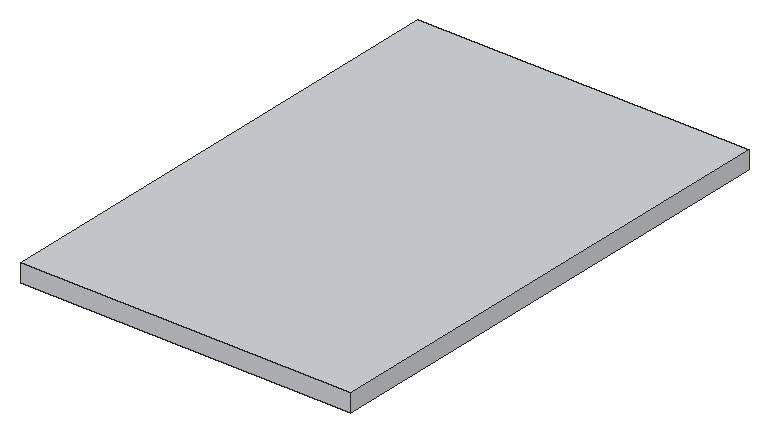
Revit family "MAXI400xGNxx", category Leuchten, Revit 2020
Family settings
  Basisbauteil = Fläche
  Bemaßung runder Anschluss = Durchmesser verwenden
  Teiletyp = Normal
  OmniClass-Nummer = 23.80.70.11
  OmniClass-Titel = Luminaries for Internal Lighting
  Beim Laden mit Abzugskörper schneiden = Nein
  Lichtquelle = Ja
  Gemeinsam genutzt = Nein
  Raumberechnungspunkt = Nein
Parameters (values of type "MAXI400DAGN830LSR0300")
  width = 400 mm  # constant formula
  weight = "2.2 kg"  # constant formula
  voltage type (AC, DC, UC) = "AC"
  rated input power = 29
  product name = "MAXI400DAGN830LSR0300"
  nominal voltage = "230"
  nominal frequency = "50-60Hz"
  length = 400 mm  # constant formula
  ingress protection (IP) code = "IP20"
  height = 114 mm  # constant formula
  electrical safety class = "1"
  control gear = ""
  conformity mark = "CE"  # constant formula
  brand = "RIDI"
  approval mark = ""
  built-in parameter 1150104 = 13.8 (stored number, unit not read)
  Wattage = 20.7349 W
  Von Kreisdurchmesser aussenden = 394 mm
  Default Elevation = 0 mm
  built-in parameter 1150113 = 1 (stored number, unit not read)
  built-in parameter 1114218 = 1 (stored number, unit not read)
  URL = "www.ridi.de"
  built-in parameter 1150134 = (empty or 0)
  built-in parameter 1150109 = 1 (stored number, unit not read)
  built-in parameter 1150110 = 1 (stored number, unit not read)
  Apparent Load = 29 VA
  Tilt Angle = 90.00°
  Modell = "0637948"
  built-in parameter 1114217 = 1 (stored number, unit not read)
  built-in parameter 1150139 = (empty or 0)
  built-in parameter 1150105 = 245.1 (stored number, unit not read)
  built-in parameter 1150114 = 1 (stored number, unit not read)
  Lumens = 3080 lm
  built-in parameter 1150115 = 1 (stored number, unit not read)
  built-in parameter 1150112 = 1 (stored number, unit not read)
  Lampe = "LED"
  Hersteller = "RIDI Leuchten GmbH"  # constant formula
  Dimming Lamp Color Temperature Shift = (empty or 0)
  Color Filter = 16777215
  built-in parameter 1150133 = 10 (stored number, unit not read)
  Emit Shape Visible in Rendering = no
  built-in parameter 1150137 = (empty or 0)
  built-in parameter 1150132 = 2
  Datei für fotometrisches Netz = "MAXI-LSR_GRUEN.IES"
  Copyright = "© RIDI. All rights reserved."  # constant formula
  built-in parameter 1150106 = 2.451 (stored number, unit not read)
  Baugruppenkennzeichen = "D5020200"
  built-in parameter 1150107 = 3000 (stored number, unit not read)
  built-in parameter 1150102 = (empty or 0)
  built-in parameter 1150138 = (empty or 0)
Reference planes
  plane 1 "Mitte (Vorne/hinten)": y = 0
  plane 2: z = 0
  plane 3 "Mitte (Links/rechts)": x = 0
Forms (mm)
  Extrusion 1, solid
    sketch origin (219.2, 280.8, 0) x (1, 0, 0) y (0, 1, 0)
      loop
        line (-1219.2, 1219.2) -> (-1219.2, -1780.8) -> (780.8, -1780.8) -> (780.8, 1219.2) -> (-1219.2, 1219.2)
    from 0 to -107.307
Dimensions and locks
  aligned and locked: plane 2 to Extrusion 1
  aligned and locked: imposter light to plane 3 "Mitte (Links/rechts)"
  aligned and locked: imposter light to import instance
  aligned and locked: import instance to Extrusion 1
Connectors
  electrical at (-56.569, -20.738, 4.25), driven by "Apparent Load"
    settings: on import instance, index 1, voltage 230 V, apparent load 0 VA, apparent load phase1 29 VA, apparent load phase2 0 VA, apparent load phase3 0 VA, power factor 1, load classification "Lighting", number of poles 1, system type 31, power factor state 1, is connector primary yes, connector utility no, sub classification motor no, connector description ""
